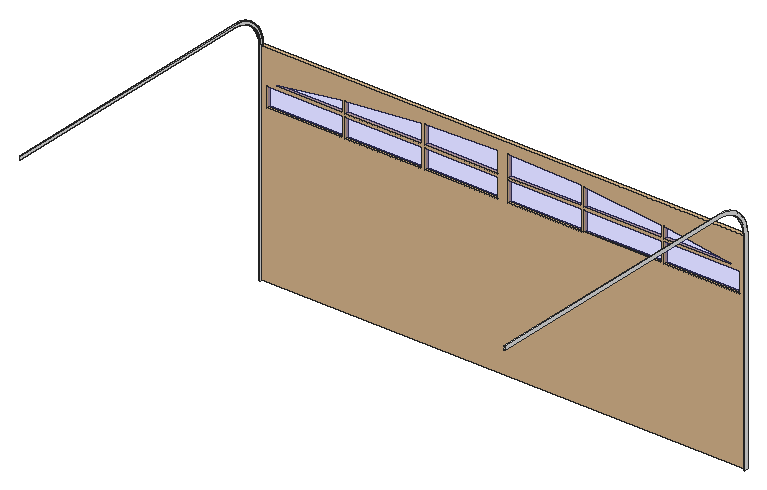
Revit family
Parameters (values of type "7Ft H x 16Ft W")
  Track Width = Width + 0' 2"  # 16' - 2"
  Track Height = Height + 1' 0"  # 8' - 0"
  Track Depth = 10' - 0"
  Track = Metal
  SmartBIM Object Version = 1  # constant formula
  SmartBIM Object Created By = "Reed Construction Data"  # constant formula
  Rough Width = 0' - 0"
  Rough Height = 0' - 0"
  Panel Thickness = 0' - 1 1/2"
  Manufacturer = ""
  Height = 7' - 0"
  Wall Closure = (empty or 0)
  Width = 16' - 0"
  Door Glass = Glass
  Door = Wood
  95 CSI = "08360"  # constant formula
  04 CSI = "08 36 13"  # constant formula
Types (3): name | Track Width | Width
  (no name) | 16' - 2" | 16' - 0"
  7Ft H x 8Ft W | 8' - 2" | 8' - 0"
  7Ft H x 16Ft W | 16' - 2" | 16' - 0"
Reference planes (in)
  plane 1 "Center (Front/Back)": y = 0
  plane 2 "Center (Left/Right)": x = 0
  plane 3 "Left": x = -96
  plane 4 "Right": x = 96
  plane 5 "Top": z = 84
  plane 6: x = -97
  plane 7: x = 97
  plane 8: y = -3.25
  plane 9: z = 81
  plane 10: y = -3.5
  plane 11: y = -3.5
  plane 12 "Ext": y = -4.25
  plane 13: y = -3.5
  plane 14 "Int": y = -2.75
  plane 15: z = 3
  plane 16: y = -3.5
  plane 17: z = 61.5
  plane 18: x = 64
  plane 19: x = 32
  plane 20: x = -64
  plane 21: x = -32
  plane 22: z = 80
  plane 23: x = 65
  plane 24: x = 95
  plane 25: z = 62.5
  plane 26: x = 63
  plane 27: x = 33
  plane 28: x = 31
  plane 29: x = 1
  plane 30: x = -1
  plane 31: x = -31
  plane 32: x = -33
  plane 33: x = -63
  plane 34: x = -65
  plane 35: x = -95
  plane 36: z = 57.5
  plane 37: x = 48
  plane 38: x = -48
Forms (in)
  Extrusion 1, solid, material "Wood" <- "Door"
    sketch origin (0, 0, 0) x (1, 0, 0) y (0, 0, 1)
      loop
        line (-97, 84) -> (-97, 0) -> (97, 0) -> (97, 84) -> (-97, 84)
      loop
        line (-2, 62.5) -> (-2, 70.5) -> (-31.5, 70.5) -> (-31.5, 62.5) -> (-2, 62.5)
      loop
        line (2, 79.9851) -> (2, 71.5) -> (31.5, 71.5) -> (31.5, 79.10182)
        arc (31.5, 79.10182) -> (16.75603, 79.74479) -> (2, 79.9851) r 540.64144
      loop
        line (-95, 62.5) -> (-64.5, 62.5) -> (-64.5, 70.5) -> (-95, 70.5) -> (-95, 62.5)
      loop
        line (95, 62.5) -> (95, 70.5) -> (64.5, 70.5) -> (64.5, 62.5) -> (95, 62.5)
      loop
        line (2, 62.5) -> (31.5, 62.5) -> (31.5, 70.5) -> (2, 70.5) -> (2, 62.5)
      loop
        line (-94.55457, 71.5) -> (-64.5, 71.5) -> (-64.5, 76.00491)
        arc (-64.5, 76.00491) -> (-79.55895, 73.9637) -> (-94.55457, 71.5) r 540.59053
      loop
        line (-63.5, 76.184) -> (-63.5, 71.5) -> (-32.5, 71.5) -> (-32.5, 78.98173)
        arc (-32.5, 78.98173) -> (-48.02014, 77.806) -> (-63.5, 76.184) r 540.64888
      loop
        line (-31.5, 79.10182) -> (-31.5, 71.5) -> (-2, 71.5) -> (-2, 80.0479)
        arc (-2, 80.0479) -> (-16.75646, 79.77618) -> (-31.5, 79.10182) r 540.70851
      loop
        line (32.5, 78.98173) -> (32.5, 71.5) -> (63.5, 71.5) -> (63.5, 76.25047)
        arc (63.5, 76.25047) -> (48.01966, 77.83922) -> (32.5, 78.98173) r 540.57968
      loop
        line (64.5, 76.00491) -> (64.5, 71.5) -> (94.92199, 71.5)
        arc (94.92199, 71.5) -> (79.74304, 73.96889) -> (64.5, 76.00491) r 540.45317
      loop
        line (63.5, 62.5) -> (63.5, 70.5) -> (32.5, 70.5) -> (32.5, 62.5) -> (63.5, 62.5)
      loop
        line (-63.5, 70.5) -> (-63.5, 62.5) -> (-32.5, 62.5) -> (-32.5, 70.5) -> (-63.5, 70.5)
    from 2.75 to 4.25
  Extrusion 2, solid, material "Glass" <- "Door Glass"
    sketch origin (0, -3.25, 0) x (1, 0, 0) y (0, 0, 1)
      loop
        line (95, 80) -> (64.5, 80) -> (64.5, 62.5) -> (95, 62.5) -> (95, 80)
      loop
        line (63.5, 80) -> (32.5, 80) -> (32.5, 62.5) -> (63.5, 62.5) -> (63.5, 80)
      loop
        line (31.5, 80) -> (1, 80) -> (1, 62.5) -> (31.5, 62.5) -> (31.5, 80)
      loop
        line (-1, 80) -> (-31.5, 80) -> (-31.5, 62.5) -> (-1, 62.5) -> (-1, 80)
      loop
        line (-32.5, 80) -> (-63.5, 80) -> (-63.5, 62.5) -> (-32.5, 62.5) -> (-32.5, 80)
      loop
        line (-64.5, 80) -> (-95, 80) -> (-95, 62.5) -> (-64.5, 62.5) -> (-64.5, 80)
    from 0 to 0.5
Lines and regions (in)
  Opening 1
    outline origin (-90, -2.75, 0) x (1, 0, 0) y (0, 0, 1)
      loop
        line (-6, 0) -> (186, 0) -> (186, 84) -> (-6, 84) -> (-6, 0)
  model lines
    curve 1: line (95, -4.25, 57.5) -> (49, -4.25, 57.5)
    curve 2: line (95, -4.25, 3) -> (95, -4.25, 57.5)
    curve 3: line (1, -4.25, 3) -> (47, -4.25, 3)
    curve 4: line (1, -4.25, 57.5) -> (1, -4.25, 3)
    curve 5: line (-1, -4.25, 3) -> (-47, -4.25, 3)
    curve 6: line (-1, -4.25, 57.5) -> (-1, -4.25, 3)
    curve 7: line (-95, -4.25, 57.5) -> (-49, -4.25, 57.5)
    curve 8: line (-95, -4.25, 3) -> (-95, -4.25, 57.5)
    curve 9: line (-1, -2.75, 57.5) -> (-1, -2.75, 3)
    curve 10: line (-1, -2.75, 3) -> (-47, -2.75, 3)
    curve 11: line (-95, -2.75, 3) -> (-95, -2.75, 57.5)
    curve 12: line (-95, -2.75, 57.5) -> (-49, -2.75, 57.5)
    curve 13: line (95, -2.75, 57.5) -> (49, -2.75, 57.5)
    curve 14: line (1, -2.75, 57.5) -> (1, -2.75, 3)
    curve 15: line (1, -2.75, 3) -> (47, -2.75, 3)
    curve 16: line (95, -2.75, 3) -> (95, -2.75, 57.5)
    curve 17: line (-47, -4.25, 57.5) -> (-47, -4.25, 3)
    curve 18: line (-49, -4.25, 3) -> (-49, -4.25, 57.5)
    curve 19: line (49, -4.25, 57.5) -> (49, -4.25, 3)
    curve 20: line (47, -4.25, 3) -> (47, -4.25, 57.5)
    curve 21: line (47, -4.25, 57.5) -> (1, -4.25, 57.5)
    curve 22: line (49, -4.25, 3) -> (95, -4.25, 3)
    curve 23: line (-47, -4.25, 57.5) -> (-1, -4.25, 57.5)
    curve 24: line (-49, -4.25, 3) -> (-95, -4.25, 3)
    curve 25: line (47, -2.75, 3) -> (47, -2.75, 57.5)
    curve 26: line (49, -2.75, 57.5) -> (49, -2.75, 3)
    curve 27: line (-47, -2.75, 57.5) -> (-47, -2.75, 3)
    curve 28: line (-49, -2.75, 3) -> (-49, -2.75, 57.5)
    curve 29: line (-47, -2.75, 57.5) -> (-1, -2.75, 57.5)
    curve 30: line (-49, -2.75, 3) -> (-95, -2.75, 3)
    curve 31: line (49, -2.75, 3) -> (95, -2.75, 3)
    curve 32: line (47, -2.75, 57.5) -> (1, -2.75, 57.5)
Text (in)
  text "Exterior" at (-74.96733, 27.31104, 0), in view "Ref. Level"
  text "Interior" at (-76.69036, -30.31274, 0), in view "Ref. Level"
  text "Exterior" at (0, 40.15149, 123.01588), in view "Right"
  text "Interior" at (0, -64.39139, 123.01588), in view "Right"
  text "Interior" at (0, -31.01599, 123.00693), in view "Left"
  text "Exterior" at (0, 54.57065, 123.00693), in view "Left"
Dimensions and locks (in)
  equal spacing: plane 3 "Left", plane 2 "Center (Left/Right)", plane 4 "Right"
  "Width": plane 3 "Left" to plane 4 "Right"
  locked: plane 6 to plane 3 "Left" at 1
  locked: plane 4 "Right" to plane 7 at 1
  plane 9 to plane 5 "Top" = 0' - 3"
  host wall to plane 8 to plane 10 = 0' - 0 1/2", 0' - 0 1/4"
  equal spacing: plane 12 "Ext", plane 13, plane 14 "Int"
  "Panel Thickness": plane 14 "Int" to plane 12 "Ext"
  plane 5 "Top" to plane 9 = 0' - 3"
  equal spacing: plane 7, plane 2 "Center (Left/Right)", plane 6
  locked: plane 15 to level at 3
  "Height": plane 5 "Top" to level
  locked: plane 17 to plane 9 at 19.5
  equal spacing: plane 2 "Center (Left/Right)", plane 19, plane 18, plane 4 "Right"
  equal spacing: plane 2 "Center (Left/Right)", plane 21, plane 20, plane 3 "Left"
  locked: plane 24 to plane 4 "Right" at 1
  locked: plane 23 to plane 18 at 1
  locked: plane 18 to plane 26 at 1
  locked: plane 27 to plane 19 at 1
  locked: plane 19 to plane 28 at 1
  locked: plane 29 to plane 2 "Center (Left/Right)" at 1
  locked: plane 2 "Center (Left/Right)" to plane 30 at 1
  locked: plane 21 to plane 31 at 1
  locked: plane 32 to plane 21 at 1
  locked: plane 20 to plane 33 at 1
  locked: plane 34 to plane 20 at 1
  locked: plane 3 "Left" to plane 35 at 1
  locked: plane 22 to plane 9 at 1
  locked: plane 17 to plane 25 at 1
  locked: Extrusion 2 to Extrusion 2 at 0.5
  locked: Extrusion 2 to plane 14 "Int" at 0.5
  locked: plane 36 to plane 17 at 4
  level to plane 15 = 0' - 3"
  Extrusion 1 sketch curve to Extrusion 1 sketch curve to plane 25 = 0' - 1" locked, 0' - 8" locked
  equal spacing: Extrusion 1 sketch curve, plane 21, Extrusion 1 sketch curve
  locked: Extrusion 1 sketch curve to Extrusion 1 sketch curve at 1  (x4)
  equal spacing: Extrusion 1 sketch curve, plane 20, Extrusion 1 sketch curve
  equal spacing: Extrusion 1 sketch curve, plane 2 "Center (Left/Right)", Extrusion 1 sketch curve
  locked: Extrusion 1 sketch curve to Extrusion 1 sketch curve at 4
  equal spacing: Extrusion 1 sketch curve, plane 19, Extrusion 1 sketch curve
  equal spacing: Extrusion 1 sketch curve, plane 18, Extrusion 1 sketch curve
  locked: plane 9 to Extrusion 1 sketch curve at 4.99509  (x2)
  locked: plane 9 to Extrusion 1 sketch curve at 2.01827  (x2)
  locked: plane 9 to Extrusion 1 sketch curve at 1.89818  (x2)
  locked: plane 9 to Extrusion 1 sketch curve at 1.0149
  locked: plane 9 to Extrusion 1 sketch curve at 4.74953
  locked: plane 22 to Extrusion 1 sketch curve at 8.5
  equal spacing: plane 3 "Left", plane 38, plane 2 "Center (Left/Right)"
  equal spacing: plane 4 "Right", plane 37, plane 2 "Center (Left/Right)"
  equal spacing: curve 19, plane 37, curve 20
  locked: curve 19 to curve 20 at 2
  equal spacing: curve 17, plane 38, curve 18
  locked: curve 17 to curve 18 at 2
  equal spacing: Extrusion 2 sketch curve, plane 18, Extrusion 2 sketch curve
  locked: Extrusion 2 sketch curve to Extrusion 2 sketch curve at 1  (x4)
  equal spacing: Extrusion 2 sketch curve, plane 19, Extrusion 2 sketch curve
  equal spacing: Extrusion 2 sketch curve, plane 21, Extrusion 2 sketch curve
  equal spacing: Extrusion 2 sketch curve, plane 20, Extrusion 2 sketch curve
  aligned and locked: plane 3 "Left" to Opening 1 sketch curve
  aligned and locked: plane 5 "Top" to Opening 1 sketch curve
  aligned and locked: Opening 1 sketch curve to plane 5 "Top"
  aligned and locked: Opening 1 sketch curve to plane 4 "Right"
  aligned and locked: Opening 1 sketch curve to level
  aligned and locked: Extrusion 1 sketch curve to plane 6
  aligned and locked: Extrusion 1 sketch curve to plane 7
  aligned and locked: Extrusion 1 sketch curve to level
  aligned and locked: Extrusion 1 sketch curve to host wall
  aligned and locked: plane 10 to plane 11
  aligned and locked: host wall to plane 14 "Int"
  aligned and locked: plane 11 to plane 13
  aligned and locked: plane 12 "Ext" to Extrusion 1
  aligned and locked: Extrusion 1 to host wall
  aligned and locked: plane 16 to plane 13
  aligned and locked: curve 1 to plane 36
  aligned and locked: plane 15 to curve 4
  aligned and locked: curve 5 to plane 15
  aligned and locked: plane 36 to curve 8
  aligned and locked: curve 9 to curve 6
  aligned and locked: curve 10 to curve 5
  aligned and locked: curve 11 to curve 8
  aligned and locked: curve 12 to curve 7
  aligned and locked: curve 13 to curve 1
  aligned and locked: curve 14 to curve 4
  aligned and locked: curve 15 to curve 3
  aligned and locked: curve 16 to curve 2
  aligned and locked: Extrusion 1 sketch curve to plane 35
  aligned and locked: Extrusion 1 sketch curve to Extrusion 2
  aligned and locked: Extrusion 1 sketch curve to Extrusion 1 sketch curve  (x20)
  aligned and locked: Extrusion 2 sketch curve to plane 29
  aligned and locked: plane 30 to Extrusion 2 sketch curve
  aligned and locked: nested 1 to plane 2 "Center (Left/Right)"
  aligned and locked: nested 1 to plane 12 "Ext"
Automatic sketch dimensions
  Extrusion 2 sketch curve to plane 22 = 0' - 0"  (x6)
  Extrusion 2 sketch curve to plane 35 = 0' - 0"
  Extrusion 2 sketch curve to plane 25 = 0' - 0"  (x6)
  Extrusion 2 sketch curve to plane 24 = 0' - 0"
  curve 2 to plane 24 = 0' - 0"
  curve 7 to plane 35 = 0' - 0"
  curve 6 to plane 30 = 0' - 0"
  Extrusion 1 sketch curve to Extrusion 1 sketch curve = 0' - 0"  (x11)
  Extrusion 1 sketch curve to plane 25 = 0' - 0"  (x4)
  Extrusion 1 sketch curve to plane 24 = 0' - 0"
  curve 4 to plane 29 = 0' - 0"
  curve 18 to curve 17 = 0' - 0"
  curve 20 to curve 19 = 0' - 0"
  curve 17 to curve 18 = 0' - 0"
  curve 22 to plane 15 = 0' - 0"
  curve 12 to plane 38 = 0' - 1"
  curve 28 to curve 27 = 0' - 0"  (x2)
  curve 15 to plane 37 = 0' - 1"
  plane 37 to curve 13 = 0' - 1"
  curve 32 to plane 36 = 0' - 0"
  curve 31 to plane 15 = 0' - 0"
  plane 38 to curve 29 = 0' - 1"
  Extrusion 2 sketch curve to plane 29 = 0' - 0"
Nested families (in)
  nested 1: "Door Track" at (-0.5, -65, 0), Width <- "Track Width", Height <- "Track Height", Depth <- "Track Depth", type "Door Track"
    with Width 16' - 2", Height 8' - 0", Depth 10' - 0"
Definition of nested family "Door Track"
  Parameters
    Width [instance] = 10' - 0"
    Track = Metal
    Height [instance] = 11' - 0"
    Depth [instance] = 10' - 0"
  Reference planes (in)
    plane 1 "Center (Front/Back)": y = 0
    plane 2: z = 0
    plane 3 "Center (Left/Right)": x = 0.5
    plane 4 "Back": y = 60
    plane 5 "Front": y = -60
    plane 6 "Left": x = -59.5
    plane 7 "Right": x = 60.5
    plane 8 "Top": z = 132
    plane 9 "Center (Up/Down)": z = 66
    plane 10: y = 60.75
    plane 11: y = 61.5
  Forms (in)
    Sweep 1, solid, material "Metal" <- "Track"
      path origin (60.5, 60, 48) x (0, 1, 0) y (0, 0, 1)
        loop
          line (0, -48) -> (0, 72)
          arc (0, 72) -> (-3.51472, 80.48528) -> (-12, 84) r 12
          line (-12, 84) -> (-120, 84)
      profile origin (60.5, -6, 132) x (0, 0, -1) y (1, 0, 0)
        loop
          line (-1.5, 0) -> (-1.375, 0) -> (-1.375, 0.375) -> (-0.125, 0.375) -> (-0.125, 0) -> (0, 0) -> (0, 0.5) -> (-1.5, 0.5) -> (-1.5, 0)
    Sweep 2, solid, material "Metal" <- "Track"
      path origin (-59.5, 60, 48) x (0, 1, 0) y (0, 0, 1)
        loop
          line (0, -48) -> (0, 72)
          arc (0, 72) -> (-3.51472, 80.48528) -> (-12, 84) r 12
          line (-12, 84) -> (-120, 84)
      profile origin (-59.5, -6, 132) x (0, 0, -1) y (1, 0, 0)
        loop
          line (-1.5, 0) -> (-1.5, -0.5) -> (0, -0.5) -> (0, 0) -> (-0.125, 0) -> (-0.125, -0.375) -> (-1.375, -0.375) -> (-1.375, 0) -> (-1.5, 0)
  Dimensions and locks (in)
    equal spacing: plane 6 "Left", plane 3 "Center (Left/Right)", plane 7 "Right"
    "Width": plane 6 "Left" to plane 7 "Right"
    equal spacing: plane 4 "Back", plane 1 "Center (Front/Back)", plane 5 "Front"
    "Depth": plane 4 "Back" to plane 5 "Front"
    "Height": plane 8 "Top" to plane 2
    equal spacing: plane 8 "Top", plane 9 "Center (Up/Down)", level
    locked: Sweep 2 sketch curve to Sweep 2 sketch curve at 0.125  (x3)
    locked: Sweep 2 sketch curve to Sweep 2 sketch curve at 0.5  (x2)
    locked: Sweep 2 sketch curve to Sweep 2 sketch curve at 1.5
    locked: Sweep 1 sketch curve to Sweep 1 sketch curve at 0.5  (x2)
    locked: Sweep 1 sketch curve to Sweep 1 sketch curve at 0.125  (x3)
    locked: Sweep 1 sketch curve to Sweep 1 sketch curve at 1.5
    equal spacing: plane 4 "Back", plane 10, plane 11
    locked: plane 10 to plane 11 at 0.75
    radius of Sweep 1 sketch curve = 1' - 0"
    radius of Sweep 2 sketch curve = 1' - 0"
    aligned and locked: plane 8 "Top" to Sweep 1 sketch curve  (x2)
    aligned and locked: plane 5 "Front" to Sweep 1 sketch curve
    aligned and locked: plane 4 "Back" to Sweep 1 sketch curve
    aligned and locked: plane 4 "Back" to Sweep 2 sketch curve
    aligned and locked: plane 5 "Front" to Sweep 2 sketch curve
    aligned and locked: level to Sweep 2 sketch curve
    aligned and locked: Sweep 2 sketch curve to profile plane  (x2)
    aligned and locked: Sweep 1 sketch curve to profile plane
    aligned and locked: plane 11 to Sweep 1
  Automatic sketch dimensions
    Sweep 1 sketch curve to level = 0' - 0"
    Sweep 2 sketch curve to plane 8 "Top" = 0' - 0"
